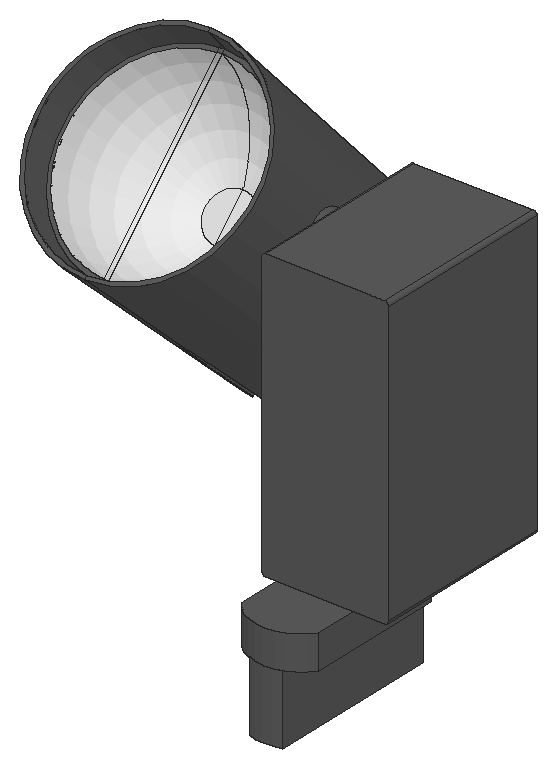
Revit family "0004898 Feilo Sylvania Lighting Fixture START TRACK SPOT S 24W 4K RA90 NB BLACK", category Lighting Fixtures, host Face, Revit 2017
Family settings
  Host = Face
  Round Connector Dimension = Use Diameter
  Part Type = Normal
  OmniClass Number = 23.80.70.00
  OmniClass Title = Lighting
  Cut with Voids When Loaded = No
  Light Source = No
  Shared = No
  Room Calculation Point = No
Parameters (values of type "0004898 START TRACK SPOT S 24W 4K RA90 NB BLACK")
  Weight = "0.966 kg"
  Wattage Comments = ""
  WarrantyStartDate [instance] = "n/a"
  WarrantyGuarantorParts = "n/a"
  WarrantyDurationUnit = "n/a"
  WarrantyDurationParts = "n/a"
  WarrantyDescription = "n/a"
  Voltage = 230 V
  URL = "http://www.sylvania-lighting.com"
  TypeName = "START TRACK SPOT S 24W 4K RA90 NB BLACK"
  TypeHead_FEILO = Start Track Spot Head : 0004898 START TRACK SPOT S 24W 4K RA90 NB BLACK
  TypeBox_FEILO = Start Track Spot Box : Type Small Black
  Type Image = <None>
  Type Comments = "n/a"
  VerticalRotation_FEILO [instance] = 0.00°
  SlideEndAngle_FEILO [instance] = VerticalRotation_FEILO + 180.00°  # 180.00°
  SerialNumber [instance] = "n/a"
  Material_3_FEILO = none
  PowerFactor = 0.95
  PowerConsumption = "24 W"
  NominalLength = 0 mm
  NominalHeight = 200 mm
  NominalDepth = 140 mm
  Name = "START TRACK SPOT S 24W 4K RA90 NB BLACK"
  ModelReference = Name  # "START TRACK SPOT S 24W 4K RA90 NB BLACK"
  ModelNumber = "0004898"
  Model = Name  # "START TRACK SPOT S 24W 4K RA90 NB BLACK"
  Material = "adc12 aluminium housing, polycarbonate diffuser"
  ManufacturerName = "Feilo Sylvania"
  Manufacturer = "Feilo Sylvania"
  LuminousEfficacy = "90 lm/W"
  LuminaireType = ""
  LightOutputRatio = "100"
  LampsType = Lamp  # "LED"
  LampNominalLuminous = "2155 lm"
  LampMacAdamStep = "3"
  LampColourTemperature = "4000 K"
  LampColourRenderingIndex = "90"
  Lamp = "LED"
  Keynote = "16500"
  InstallationDate [instance] = "n/a"
  InputVoltage = "230-240V~"
  InputNominalFrequency = "50/60 Hz"
  IngressProtection = "IP20"
  ImpactProtectionIndex = "IK02"
  IfcExportType = "IfcLightFixtureType"
  IfcExportAs = "IfcLightFixtureType"
  HorizontalRotation_FEILO [instance] = 45.00°
  ExpectedLife = 50000
  ElectricShockClassification = "Class II"
  DurationUnit = "hours"
  DocumentationLiterature = "http://www.sylvania-lighting.com/product/en-int/products/0004898"
  DimmingControlOptions = "Non dimmable"
  Material_2_FEILO = none
  Description = "Integrated LED spotlight, Textured Black - RAL9005, compact and minimalist design, ideal for retail applications, die-cast aluminium body, passive cooling heatsink. Beam angle: 12°, color temperature: 4000K , total system power: 24W, total fixture output: 2155 lm, LOR: 100%, colour rendering: Ra: 90 typical, LED Chromaticity: 3 step MacAdam ellipse, lifetime: >50000 hours at L70B50, energy class: A++, A+, A, IR/UV free light source without heat radiation, operating voltage: 220-240V / 50-60Hz, drive current: 600mA, electronic driver, non-dimmable, power factor: 0.95, electrical protection: Class II, Global Track 3 Phase adapter suitable for Global trac 3-circuit tracks, ingress protection rating: IP20, suitable for internal environment only, horizontal rotation: 355°, vertical tilt: 90°, dimensions: Ø86x140x200, weight: 0.966kg."
  Default Elevation = 1219.2 mm
  CreatedOn = "12/12/2017"
  CreatedBy = ""
  Cost = 0
  built-in parameter 1114216 [instance] = (empty or 0)
  ClassificationValue = "EF_70_80"
  ClassificationName = "Uniclass2015"
  Material_1_FEILO = Body-Sylvania-StartTrackSpot-Black
  BarCode [instance] = "n/a"
  AssetType = "Fixed"
  AssetIdentifier [instance] = "n/a"
  Assembly Code = "D5020200"
  Apparent Load = 24 VA
  Material_4_FEILO = none
Reference planes
  plane 1 "Center (Front/Back)": y = 0
  plane 2: z = 0
  plane 3 "Center (Left/Right)": x = 0
  plane 4: x = 15
  plane 5: x = -15
  plane 6: y = 35
  plane 7: y = -35
  plane 8: z = 13
  plane 9: z = -27
  plane 10: x = 6.5
  plane 11: x = -6.5
  plane 12: y = 27
  plane 13: y = -27
  plane 14: y = 20
Forms (mm)
  Extrusion 1, solid, material "Body-Sylvania-StartTrackSpot-Black" <- "Material_1_FEILO"
    sketch origin (0, 0, 0) x (1, 0, 0) y (0, 1, 0)
      loop
        line (-15, 27) -> (-15, -27)
        arc (-15, -27) -> (0, -35) -> (15, -27) r 18.062
        line (15, -27) -> (15, 27)
        arc (15, 27) -> (0, 35) -> (-15, 27) r 18.062
    from 0 to 13
  Extrusion 2, solid, material "Body-Sylvania-StartTrackSpot-Black" <- "Material_1_FEILO"
    sketch origin (0, 0, 0) x (1, 0, 0) y (0, 1, 0)
      loop
        arc (6.5, 33.79) -> (0, 35) -> (-6.5, 33.79) r 18.062
        line (-6.5, 33.79) -> (-6.5, -33.79)
        arc (-6.5, -33.79) -> (0, -35) -> (6.5, -33.79) r 18.062
        line (6.5, -33.79) -> (6.5, 33.79)
    from 0 to -27
  Revolve 3, solid, not visible
    sketch origin (1524, 20, 1219.2) x (1, 0, 0) y (0, 0, 1)
      loop
        line (-1524, -1206.2) -> (-1524, -1191.285) -> (-1530.5, -1191.285) -> (-1530.5, -1206.2) -> (-1524, -1206.2)
      axis (-1524, -1191.285) -> (-1524, -1206.2)
    angle from 0 <- "VerticalRotation_FEILO" to 180 <- "SlideEndAngle_FEILO"
Cuts and joins
  joined: Extrusion 1, Extrusion 2
Dimensions and locks
  equal spacing: plane 10, plane 3 "Center (Left/Right)", plane 11
  equal spacing: plane 4, plane 3 "Center (Left/Right)", plane 5
  locked: plane 8 to plane 2 at 13
  locked: plane 8 to plane 9 at 40
  equal spacing: plane 13, plane 1 "Center (Front/Back)", plane 12
  locked: plane 12 to plane 6 at 8
  locked: plane 14 to plane 6 at 15
  locked: Revolve 3 sketch curve to plane 8 at 14.915
  aligned and locked: plane 2 to host face
  aligned and locked: level to host face
  aligned and locked: plane 5 to Extrusion 1 sketch curve  (x2)
  aligned and locked: plane 12 to Extrusion 1 sketch curve
  aligned and locked: plane 13 to Extrusion 1 sketch curve
  aligned and locked: plane 4 to Extrusion 1 sketch curve
  aligned and locked: Extrusion 1 to plane 8
  aligned and locked: Extrusion 1 to level
  aligned and locked: Extrusion 2 sketch curve to Extrusion 1  (x2)
  aligned and locked: Extrusion 2 sketch curve to plane 11
  aligned and locked: plane 10 to Extrusion 2 sketch curve
  aligned and locked: plane 9 to Extrusion 2
  aligned and locked: level to Extrusion 2
  aligned and locked: Revolve 3 sketch curve to plane 3 "Center (Left/Right)"  (x2)
  aligned and locked: plane 11 to Revolve 3 sketch curve
  aligned and locked: Revolve 3 sketch curve to plane 8
Automatic sketch dimensions
  host sketch curve to host sketch curve = 2438.4 mm  (x2)
  Extrusion 1 sketch curve to plane 3 "Center (Left/Right)" = 0 mm  (x2)
  Extrusion 1 sketch curve to plane 13 = 10.062 mm
  plane 12 to Extrusion 1 sketch curve = 10.062 mm
  Revolve 3 sketch curve to plane 3 "Center (Left/Right)" = 0 mm
  plane 9 to Revolve 3 sketch curve = 582.6 mm
  Revolve 3 sketch curve to Revolve 3 sketch curve = 2581.144 mm
Nested families
  nested 1: "Start Track Spot Head" at (-62, 20, 112.529) x (0, 0.7071, 0.7071) z (0, 0.7071, -0.7071), type <- "TypeHead_FEILO", type "0004898 START TRACK SPOT S 24W 4K RA90 NB BLACK"
    with built-in parameter 1114216 (empty or 0)
  nested 2: "Start Track Spot Box" at (8.5, 20, 73) x (-1, 0, 0) z (0, -1, 0), BoxStartAngle_FEILO <- "HorizontalRotation_FEILO", type <- "TypeBox_FEILO", type "Type Small Black"
    with BoxStartAngle_FEILO 45.00°, BoxEndAngle_FEILO -135.00°
Connectors
  electrical at (0, 0, 0), driven by "Apparent Load", driven by "PowerFactor", driven by "Voltage"
    settings: index 1, voltage 230 V, apparent load 24 VA, apparent load phase1 0 VA, apparent load phase2 0 VA, apparent load phase3 0 VA, power factor 0.95, load classification "Lighting", number of poles 1, system type 30, power factor state 1, is connector primary yes, connector utility no, sub classification motor no, connector description ""
Definition of nested family "Start Track Spot Head"
  Parameters (values of type "0004811 START TRACK SPOT S 14W 3K RA80 NB WHITE")
    Wattage Comments = "n/a"
    Wattage = 14 W
    built-in parameter 1150110 = 1 (stored number, unit not read)
    URL = "http://www.feilosylvania.com"
    Type Image = (empty or 0)
    Type Comments = "n/a"
    built-in parameter 1114217 = 1 (stored number, unit not read)
    Tilt Angle = -90.00°
    built-in parameter 1150109 = 1 (stored number, unit not read)
    built-in parameter 1150134 = (empty or 0)
    built-in parameter 1150113 = 1 (stored number, unit not read)
    Photometric Web File = "0004811.ies"
    Material_3_FEILO = none
    Model = "START TRACK SPOT S 14W 3K RA80 NB WHITE"
    Manufacturer = "Feilo Sylvania"
    built-in parameter 1150105 = 123.66 (stored number, unit not read)
    Lumens = 1554 lm
    built-in parameter 1150115 = 1 (stored number, unit not read)
    built-in parameter 1150137 = (empty or 0)
    built-in parameter 1150139 = (empty or 0)
    built-in parameter 1150112 = 1 (stored number, unit not read)
    built-in parameter 1150114 = 1 (stored number, unit not read)
    Lamp = "LED"
    Keynote = "16500"
    Material_2_FEILO = none
    built-in parameter 1150132 = (empty or 0)
    built-in parameter 1150102 = (empty or 0)
    built-in parameter 1150107 = 3000 (stored number, unit not read)
    built-in parameter 1150138 = (empty or 0)
    built-in parameter 1150106 = 1.2366 (stored number, unit not read)
    HeadThickness_FEILO = if(HeadDiaOut_FEILO > 112 mm, 2 mm, 1.5 mm)  # 1.5 mm
    HeadRibOffset_FEILO = HeadHeight_FEILO / 28  # 4.179 mm
    HeadRibDepth_FEILO = HeadHeight_FEILO / 2.1  # 55.714 mm
    HeadRibCutWidth_FEILO = HeadDiaOut_FEILO / 12  # 7.167 mm
    HeadRibCutOffset_FEILO = HeadHeight_FEILO / 2.3  # 50.87 mm
    HeadReflectorRadius_FEILO = HeadDiaOut_FEILO / 1.7  # 50.588 mm
    HeadReflectorOffset_FEILO = HeadHeight_FEILO / 2.1  # 55.714 mm
    HeadLEDRadius_FEILO = HeadDiaOut_FEILO / 9  # 9.556 mm
    HeadHeight_FEILO = 117 mm
    HeadDraft_FEILO = 1 mm
    HeadDiffusorThickness_FEILO = 3 mm
    HeadDiffusorOffset_FEILO = HeadHeight_FEILO / 12.4  # 9.435 mm
    HeadDiaOut_FEILO = 86 mm
    HeadDiaIn_FEILO = HeadDiaOut_FEILO / 1.11  # 77.477 mm
    HeadAxisFromTop_FEILO = HeadHeight_FEILO / 1.687  # 69.354 mm
    Emit from Circle Diameter = HeadDiaIn_FEILO  # 77.477 mm
    Emit Shape Visible in Rendering = no
    built-in parameter 1150104 = 10.312 (stored number, unit not read)
    Dimming Lamp Color Temperature Shift = (empty or 0)
    Description = "Integrated LED spotlight, Textured White - RAL9016, compact and minimalist design, ideal for retail applications, die-cast aluminium body, passive cooling heatsink. Beam angle: 12°, color temperature: 3000K , total system power: 14W, total fixture output: 1551 lm, LOR: 100%, colour rendering: Ra: 80 typical, LED Chromaticity: 3 step MacAdam ellipse, lifetime: >50000 hours at L70B50, energy class: A++, A+, A, IR/UV free light source without heat radiation, operating voltage: 220-240V / 50-60Hz, drive current: 350mA, electronic driver, non-dimmable, power factor: 0.92, electrical protection: Class II, Global Track 3 Phase adapter suitable for Global trac 3-circuit tracks, ingress protection rating: IP20, suitable for internal environment only, horizontal rotation: 355°, vertical tilt: 90°, dimensions: Ø86x140x200, weight: 0.940kg."
    Default Elevation = 1219.2 mm
    Cost = 0
    Color Filter = 16777215
    built-in parameter 1114216 [instance] = (empty or 0)
    Material_1_FEILO = none
    built-in parameter 1114218 = 1 (stored number, unit not read)
    built-in parameter 1150133 = 10 (stored number, unit not read)
    Assembly Code = "D5020200"
    Apparent Load = 14 VA
    Material_4_FEILO = none
  Types (96, lengths in mm): name | Wattage | built-in parameter 1150134 | Photometric Web File | Model | built-in parameter 1150105 | Lumens | built-in parameter 1150107 | built-in parameter 1150106 | HeadThickness_FEILO | HeadRibOffset_FEILO | HeadRibDepth_FEILO | HeadRibCutWidth_FEILO | HeadRibCutOffset_FEILO | HeadReflectorRadius_FEILO | HeadReflectorOffset_FEILO | HeadLEDRadius_FEILO | HeadHeight_FEILO | HeadDiffusorOffset_FEILO | HeadDiaOut_FEILO | HeadDiaIn_FEILO | HeadAxisFromTop_FEILO | Emit from Circle Diameter | built-in parameter 1150104 | Description | Apparent Load
    0004906 START TRACK SPOT L 55W 4K RA90 WB BLACK | 55 W | 12 | "0004906.ies" | "START TRACK SPOT L 55W 4K RA90 WB BLACK" | 385.15 (stored number, unit not read) | 4840 lm | 4000 (stored number, unit not read) | 3.8515 (stored number, unit not read) | 2 | 4.429 | 59.048 | 9.417 | 53.913 | 66.471 | 59.048 | 12.556 | 124 | 10 | 113 | 101.802 | 73.503 | 101.802 | 8.1755 (stored number, unit not read) | "Integrated LED spotlight, Textured Black - RAL9005, compact and minimalist design, ideal for retail applications, die-cast aluminium body, passive cooling heatsink. Beam angle: 52°, color temperature: 4000K , total system power: 55W, total fixture output: 4824 lm, LOR: 100%, colour rendering: Ra: 90 typical, LED Chromaticity: 3 step MacAdam ellipse, lifetime: >50000 hours at L70B50, energy class: A++, A+, A, IR/UV free light source without heat radiation, operating voltage: 220-240V / 50-60Hz, drive current: 1400mA, electronic driver, non-dimmable, power factor: 0.96, electrical protection: Class II, Global Track 3 Phase adapter suitable for Global trac 3-circuit tracks, ingress protection rating: IP20, suitable for internal environment only, horizontal rotation: 355°, vertical tilt: 90°, dimensions: Ø113x164x240, weight: 1.398kg." | 55 VA
    0004905 START TRACK SPOT L 55W 4K RA90 MB BLACK | 55 W | 12 | "0004905.ies" | "START TRACK SPOT L 55W 4K RA90 MB BLACK" | 389.53 (stored number, unit not read) | 4895 lm | 4000 (stored number, unit not read) | 3.8953 (stored number, unit not read) | 2 | 4.429 | 59.048 | 9.417 | 53.913 | 66.471 | 59.048 | 12.556 | 124 | 10 | 113 | 101.802 | 73.503 | 101.802 | 8.2684 (stored number, unit not read) | "Integrated LED spotlight, Textured Black - RAL9005, compact and minimalist design, ideal for retail applications, die-cast aluminium body, passive cooling heatsink. Beam angle: 38°, color temperature: 4000K , total system power: 55W, total fixture output: 4897 lm, LOR: 100%, colour rendering: Ra: 90 typical, LED Chromaticity: 3 step MacAdam ellipse, lifetime: >50000 hours at L70B50, energy class: A++, A+, A, IR/UV free light source without heat radiation, operating voltage: 220-240V / 50-60Hz, drive current: 1400mA, electronic driver, non-dimmable, power factor: 0.96, electrical protection: Class II, Global Track 3 Phase adapter suitable for Global trac 3-circuit tracks, ingress protection rating: IP20, suitable for internal environment only, horizontal rotation: 355°, vertical tilt: 90°, dimensions: Ø113x164x240, weight: 1.398kg." | 55 VA
    0004904 START TRACK SPOT L 55W 4K RA90 NB BLACK | 55 W | 12 | "0004904.ies" | "START TRACK SPOT L 55W 4K RA90 NB BLACK" | 393.91 (stored number, unit not read) | 4950 lm | 4000 (stored number, unit not read) | 3.9391 (stored number, unit not read) | 2 | 4.429 | 59.048 | 9.417 | 53.913 | 66.471 | 59.048 | 12.556 | 124 | 10 | 113 | 101.802 | 73.503 | 101.802 | 8.3613 (stored number, unit not read) | "Integrated LED spotlight, Textured Black - RAL9005, compact and minimalist design, ideal for retail applications, die-cast aluminium body, passive cooling heatsink. Beam angle: 15°, color temperature: 4000K , total system power: 55W, total fixture output: 4965 lm, LOR: 100%, colour rendering: Ra: 90 typical, LED Chromaticity: 3 step MacAdam ellipse, lifetime: >50000 hours at L70B50, energy class: A++, A+, A, IR/UV free light source without heat radiation, operating voltage: 220-240V / 50-60Hz, drive current: 1400mA, electronic driver, non-dimmable, power factor: 0.96, electrical protection: Class II, Global Track 3 Phase adapter suitable for Global trac 3-circuit tracks, ingress protection rating: IP20, suitable for internal environment only, horizontal rotation: 355°, vertical tilt: 90°, dimensions: Ø113x164x240, weight: 1.398kg." | 55 VA
    0004903 START TRACK SPOT L 35W 4K RA90 WB BLACK | 35 W | 12 | "0004903.ies" | "START TRACK SPOT L 35W 4K RA90 WB BLACK" | 284.09 (stored number, unit not read) | 3570 lm | 4000 (stored number, unit not read) | 2.8409 (stored number, unit not read) | 2 | 4.429 | 59.048 | 9.417 | 53.913 | 66.471 | 59.048 | 12.556 | 124 | 10 | 113 | 101.802 | 73.503 | 101.802 | 9.4761 (stored number, unit not read) | "Integrated LED spotlight, Textured Black - RAL9005, compact and minimalist design, ideal for retail applications, die-cast aluminium body, passive cooling heatsink. Beam angle: 52°, color temperature: 4000K , total system power: 35W, total fixture output: 3562 lm, LOR: 100%, colour rendering: Ra: 90 typical, LED Chromaticity: 3 step MacAdam ellipse, lifetime: >50000 hours at L70B50, energy class: A++, A+, A, IR/UV free light source without heat radiation, operating voltage: 220-240V / 50-60Hz, drive current: 900mA, electronic driver, non-dimmable, power factor: 0.93, electrical protection: Class II, Global Track 3 Phase adapter suitable for Global trac 3-circuit tracks, ingress protection rating: IP20, suitable for internal environment only, horizontal rotation: 355°, vertical tilt: 90°, dimensions: Ø113x164x240, weight: 1.368kg." | 35 VA
    0004902 START TRACK SPOT L 35W 4K RA90 MB BLACK | 35 W | 12 | "0004902.ies" | "START TRACK SPOT L 35W 4K RA90 MB BLACK" | 286.88 (stored number, unit not read) | 3605 lm | 4000 (stored number, unit not read) | 2.8688 (stored number, unit not read) | 2 | 4.429 | 59.048 | 9.417 | 53.913 | 66.471 | 59.048 | 12.556 | 124 | 10 | 113 | 101.802 | 73.503 | 101.802 | 9.569 (stored number, unit not read) | "Integrated LED spotlight, Textured Black - RAL9005, compact and minimalist design, ideal for retail applications, die-cast aluminium body, passive cooling heatsink. Beam angle: 38°, color temperature: 4000K , total system power: 35W, total fixture output: 3616 lm, LOR: 100%, colour rendering: Ra: 90 typical, LED Chromaticity: 3 step MacAdam ellipse, lifetime: >50000 hours at L70B50, energy class: A++, A+, A, IR/UV free light source without heat radiation, operating voltage: 220-240V / 50-60Hz, drive current: 900mA, electronic driver, non-dimmable, power factor: 0.93, electrical protection: Class II, Global Track 3 Phase adapter suitable for Global trac 3-circuit tracks, ingress protection rating: IP20, suitable for internal environment only, horizontal rotation: 355°, vertical tilt: 90°, dimensions: Ø113x164x240, weight: 1.368kg." | 35 VA
    0004901 START TRACK SPOT L 35W 4K RA90 NB BLACK | 35 W | 12 | "0004901.ies" | "START TRACK SPOT L 35W 4K RA90 NB BLACK" | 286.88 (stored number, unit not read) | 3605 lm | 4000 (stored number, unit not read) | 2.8688 (stored number, unit not read) | 2 | 4.429 | 59.048 | 9.417 | 53.913 | 66.471 | 59.048 | 12.556 | 124 | 10 | 113 | 101.802 | 73.503 | 101.802 | 9.569 (stored number, unit not read) | "Integrated LED spotlight, Textured Black - RAL9005, compact and minimalist design, ideal for retail applications, die-cast aluminium body, passive cooling heatsink. Beam angle: 15°, color temperature: 4000K , total system power: 35W, total fixture output: 3593 lm, LOR: 100%, colour rendering: Ra: 90 typical, LED Chromaticity: 3 step MacAdam ellipse, lifetime: >50000 hours at L70B50, energy class: A++, A+, A, IR/UV free light source without heat radiation, operating voltage: 220-240V / 50-60Hz, drive current: 900mA, electronic driver, non-dimmable, power factor: 0.93, electrical protection: Class II, Global Track 3 Phase adapter suitable for Global trac 3-circuit tracks, ingress protection rating: IP20, suitable for internal environment only, horizontal rotation: 355°, vertical tilt: 90°, dimensions: Ø113x164x240, weight: 1.368kg." | 35 VA
    0004900 START TRACK SPOT S 24W 4K RA90 WB BLACK | 24 W | 12 | "0004900.ies" | "START TRACK SPOT S 24W 4K RA90 WB BLACK" | 166.16 (stored number, unit not read) | 2088 lm | 4000 (stored number, unit not read) | 1.6616 (stored number, unit not read) | 1.5 | 4.179 | 55.714 | 7.167 | 50.87 | 50.588 | 55.714 | 9.556 | 117 | 9.435 | 86 | 77.477 | 69.354 | 77.477 | 8.0826 (stored number, unit not read) | "Integrated LED spotlight, Textured Black - RAL9005, compact and minimalist design, ideal for retail applications, die-cast aluminium body, passive cooling heatsink. Beam angle: 64°, color temperature: 4000K , total system power: 24W, total fixture output: 2087 lm, LOR: 100%, colour rendering: Ra: 90 typical, LED Chromaticity: 3 step MacAdam ellipse, lifetime: >50000 hours at L70B50, energy class: A++, A+, A, IR/UV free light source without heat radiation, operating voltage: 220-240V / 50-60Hz, drive current: 600mA, electronic driver, non-dimmable, power factor: 0.95, electrical protection: Class II, Global Track 3 Phase adapter suitable for Global trac 3-circuit tracks, ingress protection rating: IP20, suitable for internal environment only, horizontal rotation: 355°, vertical tilt: 90°, dimensions: Ø86x140x200, weight: 0.966kg." | 24 VA
    0004899 START TRACK SPOT S 24W 4K RA90 MB BLACK | 24 W | 12 | "0004899.ies" | "START TRACK SPOT S 24W 4K RA90 MB BLACK" | 169.98 (stored number, unit not read) | 2136 lm | 4000 (stored number, unit not read) | 1.6998 (stored number, unit not read) | 1.5 | 4.179 | 55.714 | 7.167 | 50.87 | 50.588 | 55.714 | 9.556 | 117 | 9.435 | 86 | 77.477 | 69.354 | 77.477 | 8.2684 (stored number, unit not read) | "Integrated LED spotlight, Textured Black - RAL9005, compact and minimalist design, ideal for retail applications, die-cast aluminium body, passive cooling heatsink. Beam angle: 36°, color temperature: 4000K , total system power: 24W, total fixture output: 2141 lm, LOR: 100%, colour rendering: Ra: 90 typical, LED Chromaticity: 3 step MacAdam ellipse, lifetime: >50000 hours at L70B50, energy class: A++, A+, A, IR/UV free light source without heat radiation, operating voltage: 220-240V / 50-60Hz, drive current: 600mA, electronic driver, non-dimmable, power factor: 0.95, electrical protection: Class II, Global Track 3 Phase adapter suitable for Global trac 3-circuit tracks, ingress protection rating: IP20, suitable for internal environment only, horizontal rotation: 355°, vertical tilt: 90°, dimensions: Ø86x140x200, weight: 0.966kg." | 24 VA
    0004898 START TRACK SPOT S 24W 4K RA90 NB BLACK | 24 W | 12 | "0004898.ies" | "START TRACK SPOT S 24W 4K RA90 NB BLACK" | 171.89 (stored number, unit not read) | 2160 lm | 4000 (stored number, unit not read) | 1.7189 (stored number, unit not read) | 1.5 | 4.179 | 55.714 | 7.167 | 50.87 | 50.588 | 55.714 | 9.556 | 117 | 9.435 | 86 | 77.477 | 69.354 | 77.477 | 8.3613 (stored number, unit not read) | "Integrated LED spotlight, Textured Black - RAL9005, compact and minimalist design, ideal for retail applications, die-cast aluminium body, passive cooling heatsink. Beam angle: 12°, color temperature: 4000K , total system power: 24W, total fixture output: 2155 lm, LOR: 100%, colour rendering: Ra: 90 typical, LED Chromaticity: 3 step MacAdam ellipse, lifetime: >50000 hours at L70B50, energy class: A++, A+, A, IR/UV free light source without heat radiation, operating voltage: 220-240V / 50-60Hz, drive current: 600mA, electronic driver, non-dimmable, power factor: 0.95, electrical protection: Class II, Global Track 3 Phase adapter suitable for Global trac 3-circuit tracks, ingress protection rating: IP20, suitable for internal environment only, horizontal rotation: 355°, vertical tilt: 90°, dimensions: Ø86x140x200, weight: 0.966kg." | 24 VA
    0004897 START TRACK SPOT S 14W 4K RA90 WB BLACK | 14 W | 12 | "0004897.ies" | "START TRACK SPOT S 14W 4K RA90 WB BLACK" | 108.07 (stored number, unit not read) | 1358 lm | 4000 (stored number, unit not read) | 1.0807 (stored number, unit not read) | 1.5 | 4.179 | 55.714 | 7.167 | 50.87 | 50.588 | 55.714 | 9.556 | 117 | 9.435 | 86 | 77.477 | 69.354 | 77.477 | 9.0116 (stored number, unit not read) | "Integrated LED spotlight, Textured Black - RAL9005, compact and minimalist design, ideal for retail applications, die-cast aluminium body, passive cooling heatsink. Beam angle: 64°, color temperature: 4000K , total system power: 14W, total fixture output: 1352 lm, LOR: 100%, colour rendering: Ra: 90 typical, LED Chromaticity: 3 step MacAdam ellipse, lifetime: >50000 hours at L70B50, energy class: A++, A+, A, IR/UV free light source without heat radiation, operating voltage: 220-240V / 50-60Hz, drive current: 350mA, electronic driver, non-dimmable, power factor: 0.92, electrical protection: Class II, Global Track 3 Phase adapter suitable for Global trac 3-circuit tracks, ingress protection rating: IP20, suitable for internal environment only, horizontal rotation: 355°, vertical tilt: 90°, dimensions: Ø86x140x200, weight: 0.940kg." | 14 VA
    0004896 START TRACK SPOT S 14W 4K RA90 MB BLACK | 14 W | 12 | "0004896.ies" | "START TRACK SPOT S 14W 4K RA90 MB BLACK" | 108.07 (stored number, unit not read) | 1358 lm | 4000 (stored number, unit not read) | 1.0807 (stored number, unit not read) | 1.5 | 4.179 | 55.714 | 7.167 | 50.87 | 50.588 | 55.714 | 9.556 | 117 | 9.435 | 86 | 77.477 | 69.354 | 77.477 | 9.0116 (stored number, unit not read) | "Integrated LED spotlight, Textured Black - RAL9005, compact and minimalist design, ideal for retail applications, die-cast aluminium body, passive cooling heatsink. Beam angle: 36°, color temperature: 4000K , total system power: 14W, total fixture output: 1359 lm, LOR: 100%, colour rendering: Ra: 90 typical, LED Chromaticity: 3 step MacAdam ellipse, lifetime: >50000 hours at L70B50, energy class: A++, A+, A, IR/UV free light source without heat radiation, operating voltage: 220-240V / 50-60Hz, drive current: 350mA, electronic driver, non-dimmable, power factor: 0.92, electrical protection: Class II, Global Track 3 Phase adapter suitable for Global trac 3-circuit tracks, ingress protection rating: IP20, suitable for internal environment only, horizontal rotation: 355°, vertical tilt: 90°, dimensions: Ø86x140x200, weight: 0.940kg." | 14 VA
    0004895 START TRACK SPOT S 14W 4K RA90 NB BLACK | 14 W | 12 | "0004895.ies" | "START TRACK SPOT S 14W 4K RA90 NB BLACK" | 106.95 (stored number, unit not read) | 1344 lm | 4000 (stored number, unit not read) | 1.0695 (stored number, unit not read) | 1.5 | 4.179 | 55.714 | 7.167 | 50.87 | 50.588 | 55.714 | 9.556 | 117 | 9.435 | 86 | 77.477 | 69.354 | 77.477 | 8.9187 (stored number, unit not read) | "Integrated LED spotlight, Textured Black - RAL9005, compact and minimalist design, ideal for retail applications, die-cast aluminium body, passive cooling heatsink. Beam angle: 12°, color temperature: 4000K , total system power: 14W, total fixture output: 1349 lm, LOR: 100%, colour rendering: Ra: 90 typical, LED Chromaticity: 3 step MacAdam ellipse, lifetime: >50000 hours at L70B50, energy class: A++, A+, A, IR/UV free light source without heat radiation, operating voltage: 220-240V / 50-60Hz, drive current: 350mA, electronic driver, non-dimmable, power factor: 0.92, electrical protection: Class II, Global Track 3 Phase adapter suitable for Global trac 3-circuit tracks, ingress protection rating: IP20, suitable for internal environment only, horizontal rotation: 355°, vertical tilt: 90°, dimensions: Ø86x140x200, weight: 0.940kg." | 14 VA
    0004894 START TRACK SPOT L 55W 3K RA90 WB BLACK | 55 W | (empty or 0) | "0004894.ies" | "START TRACK SPOT L 55W 3K RA90 WB BLACK" | 350.14 (stored number, unit not read) | 4400 lm | 3000 (stored number, unit not read) | 3.5014 (stored number, unit not read) | 2 | 4.429 | 59.048 | 9.417 | 53.913 | 66.471 | 59.048 | 12.556 | 124 | 10 | 113 | 101.802 | 73.503 | 101.802 | 7.4322 (stored number, unit not read) | "Integrated LED spotlight, Textured Black - RAL9005, compact and minimalist design, ideal for retail applications, die-cast aluminium body, passive cooling heatsink. Beam angle: 52°, color temperature: 3000K , total system power: 55W, total fixture output: 4405 lm, LOR: 100%, colour rendering: Ra: 90 typical, LED Chromaticity: 3 step MacAdam ellipse, lifetime: >50000 hours at L70B50, energy class: A++, A+, A, IR/UV free light source without heat radiation, operating voltage: 220-240V / 50-60Hz, drive current: 1400mA, electronic driver, non-dimmable, power factor: 0.96, electrical protection: Class II, Global Track 3 Phase adapter suitable for Global trac 3-circuit tracks, ingress protection rating: IP20, suitable for internal environment only, horizontal rotation: 355°, vertical tilt: 90°, dimensions: Ø113x164x240, weight: 1.398kg." | 55 VA
    0004893 START TRACK SPOT L 55W 3K RA90 MB BLACK | 55 W | (empty or 0) | "0004893.ies" | "START TRACK SPOT L 55W 3K RA90 MB BLACK" | 354.52 (stored number, unit not read) | 4455 lm | 3000 (stored number, unit not read) | 3.5452 (stored number, unit not read) | 2 | 4.429 | 59.048 | 9.417 | 53.913 | 66.471 | 59.048 | 12.556 | 124 | 10 | 113 | 101.802 | 73.503 | 101.802 | 7.5251 (stored number, unit not read) | "Integrated LED spotlight, Textured Black - RAL9005, compact and minimalist design, ideal for retail applications, die-cast aluminium body, passive cooling heatsink. Beam angle: 38°, color temperature: 3000K , total system power: 55W, total fixture output: 4448 lm, LOR: 100%, colour rendering: Ra: 90 typical, LED Chromaticity: 3 step MacAdam ellipse, lifetime: >50000 hours at L70B50, energy class: A++, A+, A, IR/UV free light source without heat radiation, operating voltage: 220-240V / 50-60Hz, drive current: 1400mA, electronic driver, non-dimmable, power factor: 0.96, electrical protection: Class II, Global Track 3 Phase adapter suitable for Global trac 3-circuit tracks, ingress protection rating: IP20, suitable for internal environment only, horizontal rotation: 355°, vertical tilt: 90°, dimensions: Ø113x164x240, weight: 1.398kg." | 55 VA
    0004892 START TRACK SPOT L 55W 3K RA90 NB BLACK | 55 W | (empty or 0) | "0004892.ies" | "START TRACK SPOT L 55W 3K RA90 NB BLACK" | 350.14 (stored number, unit not read) | 4400 lm | 3000 (stored number, unit not read) | 3.5014 (stored number, unit not read) | 2 | 4.429 | 59.048 | 9.417 | 53.913 | 66.471 | 59.048 | 12.556 | 124 | 10 | 113 | 101.802 | 73.503 | 101.802 | 7.4322 (stored number, unit not read) | "Integrated LED spotlight, Textured Black - RAL9005, compact and minimalist design, ideal for retail applications, die-cast aluminium body, passive cooling heatsink. Beam angle: 15°, color temperature: 3000K , total system power: 55W, total fixture output: 4416 lm, LOR: 100%, colour rendering: Ra: 90 typical, LED Chromaticity: 3 step MacAdam ellipse, lifetime: >50000 hours at L70B50, energy class: A++, A+, A, IR/UV free light source without heat radiation, operating voltage: 220-240V / 50-60Hz, drive current: 1400mA, electronic driver, non-dimmable, power factor: 0.96, electrical protection: Class II, Global Track 3 Phase adapter suitable for Global trac 3-circuit tracks, ingress protection rating: IP20, suitable for internal environment only, horizontal rotation: 355°, vertical tilt: 90°, dimensions: Ø113x164x240, weight: 1.398kg." | 55 VA
    0004891 START TRACK SPOT L 35W 3K RA90 WB BLACK | 35 W | (empty or 0) | "0004891.ies" | "START TRACK SPOT L 35W 3K RA90 WB BLACK" | 259.02 (stored number, unit not read) | 3255 lm | 3000 (stored number, unit not read) | 2.5902 (stored number, unit not read) | 2 | 4.429 | 59.048 | 9.417 | 53.913 | 66.471 | 59.048 | 12.556 | 124 | 10 | 113 | 101.802 | 73.503 | 101.802 | 8.64 (stored number, unit not read) | "Integrated LED spotlight, Textured Black - RAL9005, compact and minimalist design, ideal for retail applications, die-cast aluminium body, passive cooling heatsink. Beam angle: 52°, color temperature: 3000K , total system power: 35W, total fixture output: 3260 lm, LOR: 100%, colour rendering: Ra: 90 typical, LED Chromaticity: 3 step MacAdam ellipse, lifetime: >50000 hours at L70B50, energy class: A++, A+, A, IR/UV free light source without heat radiation, operating voltage: 220-240V / 50-60Hz, drive current: 900mA, electronic driver, non-dimmable, power factor: 0.93, electrical protection: Class II, Global Track 3 Phase adapter suitable for Global trac 3-circuit tracks, ingress protection rating: IP20, suitable for internal environment only, horizontal rotation: 355°, vertical tilt: 90°, dimensions: Ø113x164x240, weight: 1.368kg." | 35 VA
    0004890 START TRACK SPOT L 35W 3K RA90 MB BLACK | 35 W | (empty or 0) | "0004890.ies" | "START TRACK SPOT L 35W 3K RA90 MB BLACK" | 261.81 (stored number, unit not read) | 3290 lm | 3000 (stored number, unit not read) | 2.6181 (stored number, unit not read) | 2 | 4.429 | 59.048 | 9.417 | 53.913 | 66.471 | 59.048 | 12.556 | 124 | 10 | 113 | 101.802 | 73.503 | 101.802 | 8.7329 (stored number, unit not read) | "Integrated LED spotlight, Textured Black - RAL9005, compact and minimalist design, ideal for retail applications, die-cast aluminium body, passive cooling heatsink. Beam angle: 38°, color temperature: 3000K , total system power: 35W, total fixture output: 3306 lm, LOR: 100%, colour rendering: Ra: 90 typical, LED Chromaticity: 3 step MacAdam ellipse, lifetime: >50000 hours at L70B50, energy class: A++, A+, A, IR/UV free light source without heat radiation, operating voltage: 220-240V / 50-60Hz, drive current: 900mA, electronic driver, non-dimmable, power factor: 0.93, electrical protection: Class II, Global Track 3 Phase adapter suitable for Global trac 3-circuit tracks, ingress protection rating: IP20, suitable for internal environment only, horizontal rotation: 355°, vertical tilt: 90°, dimensions: Ø113x164x240, weight: 1.368kg." | 35 VA
    0004889 START TRACK SPOT L 35W 3K RA90 NB BLACK | 35 W | (empty or 0) | "0004889.ies" | "START TRACK SPOT L 35W 3K RA90 NB BLACK" | 261.81 (stored number, unit not read) | 3290 lm | 3000 (stored number, unit not read) | 2.6181 (stored number, unit not read) | 2 | 4.429 | 59.048 | 9.417 | 53.913 | 66.471 | 59.048 | 12.556 | 124 | 10 | 113 | 101.802 | 73.503 | 101.802 | 8.7329 (stored number, unit not read) | "Integrated LED spotlight, Textured Black - RAL9005, compact and minimalist design, ideal for retail applications, die-cast aluminium body, passive cooling heatsink. Beam angle: 15°, color temperature: 3000K , total system power: 35W, total fixture output: 3287 lm, LOR: 100%, colour rendering: Ra: 90 typical, LED Chromaticity: 3 step MacAdam ellipse, lifetime: >50000 hours at L70B50, energy class: A++, A+, A, IR/UV free light source without heat radiation, operating voltage: 220-240V / 50-60Hz, drive current: 900mA, electronic driver, non-dimmable, power factor: 0.93, electrical protection: Class II, Global Track 3 Phase adapter suitable for Global trac 3-circuit tracks, ingress protection rating: IP20, suitable for internal environment only, horizontal rotation: 355°, vertical tilt: 90°, dimensions: Ø113x164x240, weight: 1.368kg." | 35 VA
    0004888 START TRACK SPOT S 24W 3K RA90 WB BLACK | 24 W | (empty or 0) | "0004888.ies" | "START TRACK SPOT S 24W 3K RA90 WB BLACK" | 152.79 (stored number, unit not read) | 1920 lm | 3000 (stored number, unit not read) | 1.5279 (stored number, unit not read) | 1.5 | 4.179 | 55.714 | 7.167 | 50.87 | 50.588 | 55.714 | 9.556 | 117 | 9.435 | 86 | 77.477 | 69.354 | 77.477 | 7.4322 (stored number, unit not read) | "Integrated LED spotlight, Textured Black - RAL9005, compact and minimalist design, ideal for retail applications, die-cast aluminium body, passive cooling heatsink. Beam angle: 64°, color temperature: 3000K , total system power: 24W, total fixture output: 1928 lm, LOR: 100%, colour rendering: Ra: 90 typical, LED Chromaticity: 3 step MacAdam ellipse, lifetime: >50000 hours at L70B50, energy class: A++, A+, A, IR/UV free light source without heat radiation, operating voltage: 220-240V / 50-60Hz, drive current: 600mA, electronic driver, non-dimmable, power factor: 0.95, electrical protection: Class II, Global Track 3 Phase adapter suitable for Global trac 3-circuit tracks, ingress protection rating: IP20, suitable for internal environment only, horizontal rotation: 355°, vertical tilt: 90°, dimensions: Ø86x140x200, weight: 0.966kg." | 24 VA
    0004887 START TRACK SPOT S 24W 3K RA90 MB BLACK | 24 W | (empty or 0) | "0004887.ies" | "START TRACK SPOT S 24W 3K RA90 MB BLACK" | 154.7 (stored number, unit not read) | 1944 lm | 3000 (stored number, unit not read) | 1.547 (stored number, unit not read) | 1.5 | 4.179 | 55.714 | 7.167 | 50.87 | 50.588 | 55.714 | 9.556 | 117 | 9.435 | 86 | 77.477 | 69.354 | 77.477 | 7.5251 (stored number, unit not read) | "Integrated LED spotlight, Textured Black - RAL9005, compact and minimalist design, ideal for retail applications, die-cast aluminium body, passive cooling heatsink. Beam angle: 36°, color temperature: 3000K , total system power: 24W, total fixture output: 1944 lm, LOR: 100%, colour rendering: Ra: 90 typical, LED Chromaticity: 3 step MacAdam ellipse, lifetime: >50000 hours at L70B50, energy class: A++, A+, A, IR/UV free light source without heat radiation, operating voltage: 220-240V / 50-60Hz, drive current: 600mA, electronic driver, non-dimmable, power factor: 0.95, electrical protection: Class II, Global Track 3 Phase adapter suitable for Global trac 3-circuit tracks, ingress protection rating: IP20, suitable for internal environment only, horizontal rotation: 355°, vertical tilt: 90°, dimensions: Ø86x140x200, weight: 0.966kg." | 24 VA
    0004886 START TRACK SPOT S 24W 3K RA90 NB BLACK | 24 W | (empty or 0) | "0004886.ies" | "START TRACK SPOT S 24W 3K RA90 NB BLACK" | 158.52 (stored number, unit not read) | 1992 lm | 3000 (stored number, unit not read) | 1.5852 (stored number, unit not read) | 1.5 | 4.179 | 55.714 | 7.167 | 50.87 | 50.588 | 55.714 | 9.556 | 117 | 9.435 | 86 | 77.477 | 69.354 | 77.477 | 7.711 (stored number, unit not read) | "Integrated LED spotlight, Textured Black - RAL9005, compact and minimalist design, ideal for retail applications, die-cast aluminium body, passive cooling heatsink. Beam angle: 12°, color temperature: 3000K , total system power: 24W, total fixture output: 1987 lm, LOR: 100%, colour rendering: Ra: 90 typical, LED Chromaticity: 3 step MacAdam ellipse, lifetime: >50000 hours at L70B50, energy class: A++, A+, A, IR/UV free light source without heat radiation, operating voltage: 220-240V / 50-60Hz, drive current: 600mA, electronic driver, non-dimmable, power factor: 0.95, electrical protection: Class II, Global Track 3 Phase adapter suitable for Global trac 3-circuit tracks, ingress protection rating: IP20, suitable for internal environment only, horizontal rotation: 355°, vertical tilt: 90°, dimensions: Ø86x140x200, weight: 0.966kg." | 24 VA
    0004885 START TRACK SPOT S 14W 3K RA90 WB BLACK | 14 W | (empty or 0) | "0004885.ies" | "START TRACK SPOT S 14W 3K RA90 WB BLACK" | 100.27 (stored number, unit not read) | 1260 lm | 3000 (stored number, unit not read) | 1.0027 (stored number, unit not read) | 1.5 | 4.179 | 55.714 | 7.167 | 50.87 | 50.588 | 55.714 | 9.556 | 117 | 9.435 | 86 | 77.477 | 69.354 | 77.477 | 8.3613 (stored number, unit not read) | "Integrated LED spotlight, Textured Black - RAL9005, compact and minimalist design, ideal for retail applications, die-cast aluminium body, passive cooling heatsink. Beam angle: 64°, color temperature: 3000K , total system power: 14W, total fixture output: 1262 lm, LOR: 100%, colour rendering: Ra: 90 typical, LED Chromaticity: 3 step MacAdam ellipse, lifetime: >50000 hours at L70B50, energy class: A++, A+, A, IR/UV free light source without heat radiation, operating voltage: 220-240V / 50-60Hz, drive current: 350mA, electronic driver, non-dimmable, power factor: 0.92, electrical protection: Class II, Global Track 3 Phase adapter suitable for Global trac 3-circuit tracks, ingress protection rating: IP20, suitable for internal environment only, horizontal rotation: 355°, vertical tilt: 90°, dimensions: Ø86x140x200, weight: 0.940kg." | 14 VA
    0004884 START TRACK SPOT S 14W 3K RA90 MB BLACK | 14 W | (empty or 0) | "0004884.ies" | "START TRACK SPOT S 14W 3K RA90 MB BLACK" | 100.27 (stored number, unit not read) | 1260 lm | 3000 (stored number, unit not read) | 1.0027 (stored number, unit not read) | 1.5 | 4.179 | 55.714 | 7.167 | 50.87 | 50.588 | 55.714 | 9.556 | 117 | 9.435 | 86 | 77.477 | 69.354 | 77.477 | 8.3613 (stored number, unit not read) | "Integrated LED spotlight, Textured Black - RAL9005, compact and minimalist design, ideal for retail applications, die-cast aluminium body, passive cooling heatsink. Beam angle: 36°, color temperature: 3000K , total system power: 14W, total fixture output: 1262 lm, LOR: 100%, colour rendering: Ra: 90 typical, LED Chromaticity: 3 step MacAdam ellipse, lifetime: >50000 hours at L70B50, energy class: A++, A+, A, IR/UV free light source without heat radiation, operating voltage: 220-240V / 50-60Hz, drive current: 350mA, electronic driver, non-dimmable, power factor: 0.92, electrical protection: Class II, Global Track 3 Phase adapter suitable for Global trac 3-circuit tracks, ingress protection rating: IP20, suitable for internal environment only, horizontal rotation: 355°, vertical tilt: 90°, dimensions: Ø86x140x200, weight: 0.940kg." | 14 VA
    0004883 START TRACK SPOT S 14W 3K RA90 NB BLACK | 14 W | (empty or 0) | "0004883.ies" | "START TRACK SPOT S 14W 3K RA90 NB BLACK" | 102.5 (stored number, unit not read) | 1288 lm | 3000 (stored number, unit not read) | 1.025 (stored number, unit not read) | 1.5 | 4.179 | 55.714 | 7.167 | 50.87 | 50.588 | 55.714 | 9.556 | 117 | 9.435 | 86 | 77.477 | 69.354 | 77.477 | 8.5471 (stored number, unit not read) | "Integrated LED spotlight, Textured Black - RAL9005, compact and minimalist design, ideal for retail applications, die-cast aluminium body, passive cooling heatsink. Beam angle: 12°, color temperature: 3000K , total system power: 14W, total fixture output: 1284 lm, LOR: 100%, colour rendering: Ra: 90 typical, LED Chromaticity: 3 step MacAdam ellipse, lifetime: >50000 hours at L70B50, energy class: A++, A+, A, IR/UV free light source without heat radiation, operating voltage: 220-240V / 50-60Hz, drive current: 350mA, electronic driver, non-dimmable, power factor: 0.92, electrical protection: Class II, Global Track 3 Phase adapter suitable for Global trac 3-circuit tracks, ingress protection rating: IP20, suitable for internal environment only, horizontal rotation: 355°, vertical tilt: 90°, dimensions: Ø86x140x200, weight: 0.940kg." | 14 VA
    0004882 START TRACK SPOT L 55W 4K RA90 WB WHITE | 55 W | 12 | "0004882.ies" | "START TRACK SPOT L 55W 4K RA90 WB WHITE" | 385.15 (stored number, unit not read) | 4840 lm | 4000 (stored number, unit not read) | 3.8515 (stored number, unit not read) | 2 | 4.429 | 59.048 | 9.417 | 53.913 | 66.471 | 59.048 | 12.556 | 124 | 10 | 113 | 101.802 | 73.503 | 101.802 | 8.1755 (stored number, unit not read) | "Integrated LED spotlight, Textured White - RAL9016, compact and minimalist design, ideal for retail applications, die-cast aluminium body, passive cooling heatsink. Beam angle: 52°, color temperature: 4000K , total system power: 55W, total fixture output: 4824 lm, LOR: 100%, colour rendering: Ra: 90 typical, LED Chromaticity: 3 step MacAdam ellipse, lifetime: >50000 hours at L70B50, energy class: A++, A+, A, IR/UV free light source without heat radiation, operating voltage: 220-240V / 50-60Hz, drive current: 1400mA, electronic driver, non-dimmable, power factor: 0.96, electrical protection: Class II, Global Track 3 Phase adapter suitable for Global trac 3-circuit tracks, ingress protection rating: IP20, suitable for internal environment only, horizontal rotation: 355°, vertical tilt: 90°, dimensions: Ø113x164x240, weight: 1.398kg." | 55 VA
    0004881 START TRACK SPOT L 55W 4K RA90 MB WHITE | 55 W | 12 | "0004881.ies" | "START TRACK SPOT L 55W 4K RA90 MB WHITE" | 389.53 (stored number, unit not read) | 4895 lm | 4000 (stored number, unit not read) | 3.8953 (stored number, unit not read) | 2 | 4.429 | 59.048 | 9.417 | 53.913 | 66.471 | 59.048 | 12.556 | 124 | 10 | 113 | 101.802 | 73.503 | 101.802 | 8.2684 (stored number, unit not read) | "Integrated LED spotlight, Textured White - RAL9016, compact and minimalist design, ideal for retail applications, die-cast aluminium body, passive cooling heatsink. Beam angle: 38°, color temperature: 4000K , total system power: 55W, total fixture output: 4897 lm, LOR: 100%, colour rendering: Ra: 90 typical, LED Chromaticity: 3 step MacAdam ellipse, lifetime: >50000 hours at L70B50, energy class: A++, A+, A, IR/UV free light source without heat radiation, operating voltage: 220-240V / 50-60Hz, drive current: 1400mA, electronic driver, non-dimmable, power factor: 0.96, electrical protection: Class II, Global Track 3 Phase adapter suitable for Global trac 3-circuit tracks, ingress protection rating: IP20, suitable for internal environment only, horizontal rotation: 355°, vertical tilt: 90°, dimensions: Ø113x164x240, weight: 1.398kg." | 55 VA
    0004880 START TRACK SPOT L 55W 4K RA90 NB WHITE | 55 W | 12 | "0004880.ies" | "START TRACK SPOT L 55W 4K RA90 NB WHITE" | 393.91 (stored number, unit not read) | 4950 lm | 4000 (stored number, unit not read) | 3.9391 (stored number, unit not read) | 2 | 4.429 | 59.048 | 9.417 | 53.913 | 66.471 | 59.048 | 12.556 | 124 | 10 | 113 | 101.802 | 73.503 | 101.802 | 8.3613 (stored number, unit not read) | "Integrated LED spotlight, Textured White - RAL9016, compact and minimalist design, ideal for retail applications, die-cast aluminium body, passive cooling heatsink. Beam angle: 15°, color temperature: 4000K , total system power: 55W, total fixture output: 4965 lm, LOR: 100%, colour rendering: Ra: 90 typical, LED Chromaticity: 3 step MacAdam ellipse, lifetime: >50000 hours at L70B50, energy class: A++, A+, A, IR/UV free light source without heat radiation, operating voltage: 220-240V / 50-60Hz, drive current: 1400mA, electronic driver, non-dimmable, power factor: 0.96, electrical protection: Class II, Global Track 3 Phase adapter suitable for Global trac 3-circuit tracks, ingress protection rating: IP20, suitable for internal environment only, horizontal rotation: 355°, vertical tilt: 90°, dimensions: Ø113x164x240, weight: 1.398kg." | 55 VA
    0004879 START TRACK SPOT L 35W 4K RA90 WB WHITE | 35 W | 12 | "0004879.ies" | "START TRACK SPOT L 35W 4K RA90 WB WHITE" | 284.09 (stored number, unit not read) | 3570 lm | 4000 (stored number, unit not read) | 2.8409 (stored number, unit not read) | 2 | 4.429 | 59.048 | 9.417 | 53.913 | 66.471 | 59.048 | 12.556 | 124 | 10 | 113 | 101.802 | 73.503 | 101.802 | 9.4761 (stored number, unit not read) | "Integrated LED spotlight, Textured White - RAL9016, compact and minimalist design, ideal for retail applications, die-cast aluminium body, passive cooling heatsink. Beam angle: 52°, color temperature: 4000K , total system power: 35W, total fixture output: 3562 lm, LOR: 100%, colour rendering: Ra: 90 typical, LED Chromaticity: 3 step MacAdam ellipse, lifetime: >50000 hours at L70B50, energy class: A++, A+, A, IR/UV free light source without heat radiation, operating voltage: 220-240V / 50-60Hz, drive current: 900mA, electronic driver, non-dimmable, power factor: 0.93, electrical protection: Class II, Global Track 3 Phase adapter suitable for Global trac 3-circuit tracks, ingress protection rating: IP20, suitable for internal environment only, horizontal rotation: 355°, vertical tilt: 90°, dimensions: Ø113x164x240, weight: 1.368kg." | 35 VA
    0004878 START TRACK SPOT L 35W 4K RA90 MB WHITE | 35 W | 12 | "0004878.ies" | "START TRACK SPOT L 35W 4K RA90 MB WHITE" | 286.88 (stored number, unit not read) | 3605 lm | 4000 (stored number, unit not read) | 2.8688 (stored number, unit not read) | 2 | 4.429 | 59.048 | 9.417 | 53.913 | 66.471 | 59.048 | 12.556 | 124 | 10 | 113 | 101.802 | 73.503 | 101.802 | 9.569 (stored number, unit not read) | "Integrated LED spotlight, Textured White - RAL9016, compact and minimalist design, ideal for retail applications, die-cast aluminium body, passive cooling heatsink. Beam angle: 38°, color temperature: 4000K , total system power: 35W, total fixture output: 3616 lm, LOR: 100%, colour rendering: Ra: 90 typical, LED Chromaticity: 3 step MacAdam ellipse, lifetime: >50000 hours at L70B50, energy class: A++, A+, A, IR/UV free light source without heat radiation, operating voltage: 220-240V / 50-60Hz, drive current: 900mA, electronic driver, non-dimmable, power factor: 0.93, electrical protection: Class II, Global Track 3 Phase adapter suitable for Global trac 3-circuit tracks, ingress protection rating: IP20, suitable for internal environment only, horizontal rotation: 355°, vertical tilt: 90°, dimensions: Ø113x164x240, weight: 1.368kg." | 35 VA
    0004877 START TRACK SPOT L 35W 4K RA90 NB WHITE | 35 W | 12 | "0004877.ies" | "START TRACK SPOT L 35W 4K RA90 NB WHITE" | 286.88 (stored number, unit not read) | 3605 lm | 4000 (stored number, unit not read) | 2.8688 (stored number, unit not read) | 2 | 4.429 | 59.048 | 9.417 | 53.913 | 66.471 | 59.048 | 12.556 | 124 | 10 | 113 | 101.802 | 73.503 | 101.802 | 9.569 (stored number, unit not read) | "Integrated LED spotlight, Textured White - RAL9016, compact and minimalist design, ideal for retail applications, die-cast aluminium body, passive cooling heatsink. Beam angle: 15°, color temperature: 4000K , total system power: 35W, total fixture output: 3593 lm, LOR: 100%, colour rendering: Ra: 90 typical, LED Chromaticity: 3 step MacAdam ellipse, lifetime: >50000 hours at L70B50, energy class: A++, A+, A, IR/UV free light source without heat radiation, operating voltage: 220-240V / 50-60Hz, drive current: 900mA, electronic driver, non-dimmable, power factor: 0.93, electrical protection: Class II, Global Track 3 Phase adapter suitable for Global trac 3-circuit tracks, ingress protection rating: IP20, suitable for internal environment only, horizontal rotation: 355°, vertical tilt: 90°, dimensions: Ø113x164x240, weight: 1.368kg." | 35 VA
    0004876 START TRACK SPOT S 24W 4K RA90 WB WHITE | 24 W | 12 | "0004876.ies" | "START TRACK SPOT S 24W 4K RA90 WB WHITE" | 166.16 (stored number, unit not read) | 2088 lm | 4000 (stored number, unit not read) | 1.6616 (stored number, unit not read) | 1.5 | 4.179 | 55.714 | 7.167 | 50.87 | 50.588 | 55.714 | 9.556 | 117 | 9.435 | 86 | 77.477 | 69.354 | 77.477 | 8.0826 (stored number, unit not read) | "Integrated LED spotlight, Textured White - RAL9016, compact and minimalist design, ideal for retail applications, die-cast aluminium body, passive cooling heatsink. Beam angle: 64°, color temperature: 4000K , total system power: 24W, total fixture output: 2087 lm, LOR: 100%, colour rendering: Ra: 90 typical, LED Chromaticity: 3 step MacAdam ellipse, lifetime: >50000 hours at L70B50, energy class: A++, A+, A, IR/UV free light source without heat radiation, operating voltage: 220-240V / 50-60Hz, drive current: 600mA, electronic driver, non-dimmable, power factor: 0.95, electrical protection: Class II, Global Track 3 Phase adapter suitable for Global trac 3-circuit tracks, ingress protection rating: IP20, suitable for internal environment only, horizontal rotation: 355°, vertical tilt: 90°, dimensions: Ø86x140x200, weight: 0.966kg." | 24 VA
    0004875 START TRACK SPOT S 24W 4K RA90 MB WHITE | 24 W | 12 | "0004875.ies" | "START TRACK SPOT S 24W 4K RA90 MB WHITE" | 169.98 (stored number, unit not read) | 2136 lm | 4000 (stored number, unit not read) | 1.6998 (stored number, unit not read) | 1.5 | 4.179 | 55.714 | 7.167 | 50.87 | 50.588 | 55.714 | 9.556 | 117 | 9.435 | 86 | 77.477 | 69.354 | 77.477 | 8.2684 (stored number, unit not read) | "Integrated LED spotlight, Textured White - RAL9016, compact and minimalist design, ideal for retail applications, die-cast aluminium body, passive cooling heatsink. Beam angle: 36°, color temperature: 4000K , total system power: 24W, total fixture output: 2141 lm, LOR: 100%, colour rendering: Ra: 90 typical, LED Chromaticity: 3 step MacAdam ellipse, lifetime: >50000 hours at L70B50, energy class: A++, A+, A, IR/UV free light source without heat radiation, operating voltage: 220-240V / 50-60Hz, drive current: 600mA, electronic driver, non-dimmable, power factor: 0.95, electrical protection: Class II, Global Track 3 Phase adapter suitable for Global trac 3-circuit tracks, ingress protection rating: IP20, suitable for internal environment only, horizontal rotation: 355°, vertical tilt: 90°, dimensions: Ø86x140x200, weight: 0.966kg." | 24 VA
    0004874 START TRACK SPOT S 24W 4K RA90 NB WHITE | 24 W | 12 | "0004874.ies" | "START TRACK SPOT S 24W 4K RA90 NB WHITE" | 171.89 (stored number, unit not read) | 2160 lm | 4000 (stored number, unit not read) | 1.7189 (stored number, unit not read) | 1.5 | 4.179 | 55.714 | 7.167 | 50.87 | 50.588 | 55.714 | 9.556 | 117 | 9.435 | 86 | 77.477 | 69.354 | 77.477 | 8.3613 (stored number, unit not read) | "Integrated LED spotlight, Textured White - RAL9016, compact and minimalist design, ideal for retail applications, die-cast aluminium body, passive cooling heatsink. Beam angle: 12°, color temperature: 4000K , total system power: 24W, total fixture output: 2155 lm, LOR: 100%, colour rendering: Ra: 90 typical, LED Chromaticity: 3 step MacAdam ellipse, lifetime: >50000 hours at L70B50, energy class: A++, A+, A, IR/UV free light source without heat radiation, operating voltage: 220-240V / 50-60Hz, drive current: 600mA, electronic driver, non-dimmable, power factor: 0.95, electrical protection: Class II, Global Track 3 Phase adapter suitable for Global trac 3-circuit tracks, ingress protection rating: IP20, suitable for internal environment only, horizontal rotation: 355°, vertical tilt: 90°, dimensions: Ø86x140x200, weight: 0.966kg." | 24 VA
    0004873 START TRACK SPOT S 14W 4K RA90 WB WHITE | 14 W | 12 | "0004873.ies" | "START TRACK SPOT S 14W 4K RA90 WB WHITE" | 108.07 (stored number, unit not read) | 1358 lm | 4000 (stored number, unit not read) | 1.0807 (stored number, unit not read) | 1.5 | 4.179 | 55.714 | 7.167 | 50.87 | 50.588 | 55.714 | 9.556 | 117 | 9.435 | 86 | 77.477 | 69.354 | 77.477 | 9.0116 (stored number, unit not read) | "Integrated LED spotlight, Textured White - RAL9016, compact and minimalist design, ideal for retail applications, die-cast aluminium body, passive cooling heatsink. Beam angle: 64°, color temperature: 4000K , total system power: 14W, total fixture output: 1352 lm, LOR: 100%, colour rendering: Ra: 90 typical, LED Chromaticity: 3 step MacAdam ellipse, lifetime: >50000 hours at L70B50, energy class: A++, A+, A, IR/UV free light source without heat radiation, operating voltage: 220-240V / 50-60Hz, drive current: 350mA, electronic driver, non-dimmable, power factor: 0.92, electrical protection: Class II, Global Track 3 Phase adapter suitable for Global trac 3-circuit tracks, ingress protection rating: IP20, suitable for internal environment only, horizontal rotation: 355°, vertical tilt: 90°, dimensions: Ø86x140x200, weight: 0.940kg." | 14 VA
    0004872 START TRACK SPOT S 14W 4K RA90 MB WHITE | 14 W | 12 | "0004872.ies" | "START TRACK SPOT S 14W 4K RA90 MB WHITE" | 108.07 (stored number, unit not read) | 1358 lm | 4000 (stored number, unit not read) | 1.0807 (stored number, unit not read) | 1.5 | 4.179 | 55.714 | 7.167 | 50.87 | 50.588 | 55.714 | 9.556 | 117 | 9.435 | 86 | 77.477 | 69.354 | 77.477 | 9.0116 (stored number, unit not read) | "Integrated LED spotlight, Textured White - RAL9016, compact and minimalist design, ideal for retail applications, die-cast aluminium body, passive cooling heatsink. Beam angle: 36°, color temperature: 4000K , total system power: 14W, total fixture output: 1359 lm, LOR: 100%, colour rendering: Ra: 90 typical, LED Chromaticity: 3 step MacAdam ellipse, lifetime: >50000 hours at L70B50, energy class: A++, A+, A, IR/UV free light source without heat radiation, operating voltage: 220-240V / 50-60Hz, drive current: 350mA, electronic driver, non-dimmable, power factor: 0.92, electrical protection: Class II, Global Track 3 Phase adapter suitable for Global trac 3-circuit tracks, ingress protection rating: IP20, suitable for internal environment only, horizontal rotation: 355°, vertical tilt: 90°, dimensions: Ø86x140x200, weight: 0.940kg." | 14 VA
    0004871 START TRACK SPOT S 14W 4K RA90 NB WHITE | 14 W | 12 | "0004871.ies" | "START TRACK SPOT S 14W 4K RA90 NB WHITE" | 106.95 (stored number, unit not read) | 1344 lm | 4000 (stored number, unit not read) | 1.0695 (stored number, unit not read) | 1.5 | 4.179 | 55.714 | 7.167 | 50.87 | 50.588 | 55.714 | 9.556 | 117 | 9.435 | 86 | 77.477 | 69.354 | 77.477 | 8.9187 (stored number, unit not read) | "Integrated LED spotlight, Textured White - RAL9016, compact and minimalist design, ideal for retail applications, die-cast aluminium body, passive cooling heatsink. Beam angle: 12°, color temperature: 4000K , total system power: 14W, total fixture output: 1349 lm, LOR: 100%, colour rendering: Ra: 90 typical, LED Chromaticity: 3 step MacAdam ellipse, lifetime: >50000 hours at L70B50, energy class: A++, A+, A, IR/UV free light source without heat radiation, operating voltage: 220-240V / 50-60Hz, drive current: 350mA, electronic driver, non-dimmable, power factor: 0.92, electrical protection: Class II, Global Track 3 Phase adapter suitable for Global trac 3-circuit tracks, ingress protection rating: IP20, suitable for internal environment only, horizontal rotation: 355°, vertical tilt: 90°, dimensions: Ø86x140x200, weight: 0.940kg." | 14 VA
    0004870 START TRACK SPOT L 55W 3K RA90 WB WHITE | 55 W | (empty or 0) | "0004870.ies" | "START TRACK SPOT L 55W 3K RA90 WB WHITE" | 350.14 (stored number, unit not read) | 4400 lm | 3000 (stored number, unit not read) | 3.5014 (stored number, unit not read) | 2 | 4.429 | 59.048 | 9.417 | 53.913 | 66.471 | 59.048 | 12.556 | 124 | 10 | 113 | 101.802 | 73.503 | 101.802 | 7.4322 (stored number, unit not read) | "Integrated LED spotlight, Textured White - RAL9016, compact and minimalist design, ideal for retail applications, die-cast aluminium body, passive cooling heatsink. Beam angle: 52°, color temperature: 3000K , total system power: 55W, total fixture output: 4405 lm, LOR: 100%, colour rendering: Ra: 90 typical, LED Chromaticity: 3 step MacAdam ellipse, lifetime: >50000 hours at L70B50, energy class: A++, A+, A, IR/UV free light source without heat radiation, operating voltage: 220-240V / 50-60Hz, drive current: 1400mA, electronic driver, non-dimmable, power factor: 0.96, electrical protection: Class II, Global Track 3 Phase adapter suitable for Global trac 3-circuit tracks, ingress protection rating: IP20, suitable for internal environment only, horizontal rotation: 355°, vertical tilt: 90°, dimensions: Ø113x164x240, weight: 1.398kg." | 55 VA
    0004869 START TRACK SPOT L 55W 3K RA90 MB WHITE | 55 W | (empty or 0) | "0004869.ies" | "START TRACK SPOT L 55W 3K RA90 MB WHITE" | 354.52 (stored number, unit not read) | 4455 lm | 3000 (stored number, unit not read) | 3.5452 (stored number, unit not read) | 2 | 4.429 | 59.048 | 9.417 | 53.913 | 66.471 | 59.048 | 12.556 | 124 | 10 | 113 | 101.802 | 73.503 | 101.802 | 7.5251 (stored number, unit not read) | "Integrated LED spotlight, Textured White - RAL9016, compact and minimalist design, ideal for retail applications, die-cast aluminium body, passive cooling heatsink. Beam angle: 38°, color temperature: 3000K , total system power: 55W, total fixture output: 4448 lm, LOR: 100%, colour rendering: Ra: 90 typical, LED Chromaticity: 3 step MacAdam ellipse, lifetime: >50000 hours at L70B50, energy class: A++, A+, A, IR/UV free light source without heat radiation, operating voltage: 220-240V / 50-60Hz, drive current: 1400mA, electronic driver, non-dimmable, power factor: 0.96, electrical protection: Class II, Global Track 3 Phase adapter suitable for Global trac 3-circuit tracks, ingress protection rating: IP20, suitable for internal environment only, horizontal rotation: 355°, vertical tilt: 90°, dimensions: Ø113x164x240, weight: 1.398kg." | 55 VA
    0004868 START TRACK SPOT L 55W 3K RA90 NB WHITE | 55 W | (empty or 0) | "0004868.ies" | "START TRACK SPOT L 55W 3K RA90 NB WHITE" | 350.14 (stored number, unit not read) | 4400 lm | 3000 (stored number, unit not read) | 3.5014 (stored number, unit not read) | 2 | 4.429 | 59.048 | 9.417 | 53.913 | 66.471 | 59.048 | 12.556 | 124 | 10 | 113 | 101.802 | 73.503 | 101.802 | 7.4322 (stored number, unit not read) | "Integrated LED spotlight, Textured White - RAL9016, compact and minimalist design, ideal for retail applications, die-cast aluminium body, passive cooling heatsink. Beam angle: 15°, color temperature: 3000K , total system power: 55W, total fixture output: 4416 lm, LOR: 100%, colour rendering: Ra: 90 typical, LED Chromaticity: 3 step MacAdam ellipse, lifetime: >50000 hours at L70B50, energy class: A++, A+, A, IR/UV free light source without heat radiation, operating voltage: 220-240V / 50-60Hz, drive current: 1400mA, electronic driver, non-dimmable, power factor: 0.96, electrical protection: Class II, Global Track 3 Phase adapter suitable for Global trac 3-circuit tracks, ingress protection rating: IP20, suitable for internal environment only, horizontal rotation: 355°, vertical tilt: 90°, dimensions: Ø113x164x240, weight: 1.398kg." | 55 VA
    0004867 START TRACK SPOT L 35W 3K RA90 WB WHITE | 35 W | (empty or 0) | "0004867.ies" | "START TRACK SPOT L 35W 3K RA90 WB WHITE" | 259.02 (stored number, unit not read) | 3255 lm | 3000 (stored number, unit not read) | 2.5902 (stored number, unit not read) | 2 | 4.429 | 59.048 | 9.417 | 53.913 | 66.471 | 59.048 | 12.556 | 124 | 10 | 113 | 101.802 | 73.503 | 101.802 | 8.64 (stored number, unit not read) | "Integrated LED spotlight, Textured White - RAL9016, compact and minimalist design, ideal for retail applications, die-cast aluminium body, passive cooling heatsink. Beam angle: 52°, color temperature: 3000K , total system power: 35W, total fixture output: 3260 lm, LOR: 100%, colour rendering: Ra: 90 typical, LED Chromaticity: 3 step MacAdam ellipse, lifetime: >50000 hours at L70B50, energy class: A++, A+, A, IR/UV free light source without heat radiation, operating voltage: 220-240V / 50-60Hz, drive current: 900mA, electronic driver, non-dimmable, power factor: 0.93, electrical protection: Class II, Global Track 3 Phase adapter suitable for Global trac 3-circuit tracks, ingress protection rating: IP20, suitable for internal environment only, horizontal rotation: 355°, vertical tilt: 90°, dimensions: Ø113x164x240, weight: 1.368kg." | 35 VA
    0004866 START TRACK SPOT L 35W 3K RA90 MB WHITE | 35 W | (empty or 0) | "0004866.ies" | "START TRACK SPOT L 35W 3K RA90 MB WHITE" | 261.81 (stored number, unit not read) | 3290 lm | 3000 (stored number, unit not read) | 2.6181 (stored number, unit not read) | 2 | 4.429 | 59.048 | 9.417 | 53.913 | 66.471 | 59.048 | 12.556 | 124 | 10 | 113 | 101.802 | 73.503 | 101.802 | 8.7329 (stored number, unit not read) | "Integrated LED spotlight, Textured White - RAL9016, compact and minimalist design, ideal for retail applications, die-cast aluminium body, passive cooling heatsink. Beam angle: 38°, color temperature: 3000K , total system power: 35W, total fixture output: 3306 lm, LOR: 100%, colour rendering: Ra: 90 typical, LED Chromaticity: 3 step MacAdam ellipse, lifetime: >50000 hours at L70B50, energy class: A++, A+, A, IR/UV free light source without heat radiation, operating voltage: 220-240V / 50-60Hz, drive current: 900mA, electronic driver, non-dimmable, power factor: 0.93, electrical protection: Class II, Global Track 3 Phase adapter suitable for Global trac 3-circuit tracks, ingress protection rating: IP20, suitable for internal environment only, horizontal rotation: 355°, vertical tilt: 90°, dimensions: Ø113x164x240, weight: 1.368kg." | 35 VA
    0004865 START TRACK SPOT L 35W 3K RA90 NB WHITE | 35 W | (empty or 0) | "0004865.ies" | "START TRACK SPOT L 35W 3K RA90 NB WHITE" | 261.81 (stored number, unit not read) | 3290 lm | 3000 (stored number, unit not read) | 2.6181 (stored number, unit not read) | 2 | 4.429 | 59.048 | 9.417 | 53.913 | 66.471 | 59.048 | 12.556 | 124 | 10 | 113 | 101.802 | 73.503 | 101.802 | 8.7329 (stored number, unit not read) | "Integrated LED spotlight, Textured White - RAL9016, compact and minimalist design, ideal for retail applications, die-cast aluminium body, passive cooling heatsink. Beam angle: 15°, color temperature: 3000K , total system power: 35W, total fixture output: 3287 lm, LOR: 100%, colour rendering: Ra: 90 typical, LED Chromaticity: 3 step MacAdam ellipse, lifetime: >50000 hours at L70B50, energy class: A++, A+, A, IR/UV free light source without heat radiation, operating voltage: 220-240V / 50-60Hz, drive current: 900mA, electronic driver, non-dimmable, power factor: 0.93, electrical protection: Class II, Global Track 3 Phase adapter suitable for Global trac 3-circuit tracks, ingress protection rating: IP20, suitable for internal environment only, horizontal rotation: 355°, vertical tilt: 90°, dimensions: Ø113x164x240, weight: 1.368kg." | 35 VA
